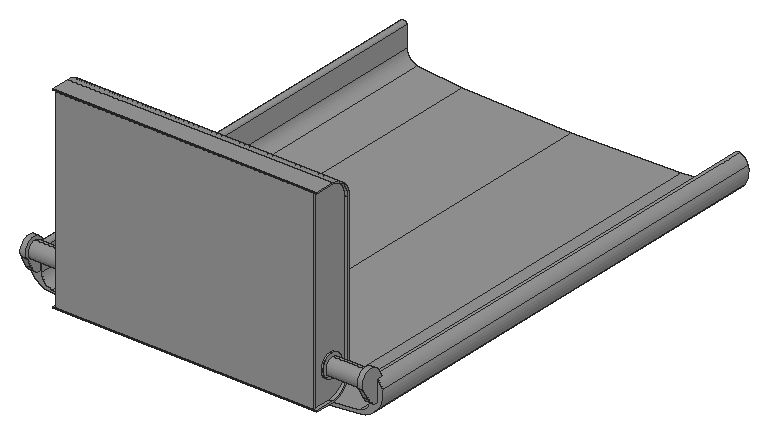
Revit family "3200 Björk Baby changing station", category Furniture Systems, host Wall, Revit 2018
Family settings
  Host = Wall
  Round Connector Dimension = Use Diameter
  Part Type = Normal
  Always vertical = Yes
  Cut with Voids When Loaded = No
  Shared = No
  Room Calculation Point = No
Parameters (values of type "OSLO")
  URL = "http://www.dandryer.com/en-gb/products/baby-changing-stations/3200-bjork-baby-changing-station--white"
  UP = not(Down)  # no
  Type Image = <None>
  Surface = WHITE
  Model = "Björk-3200"
  Manufacturer = "Dan Dryer A/S"
  Down = yes
  Description = "Baby changing table"
  Cost = 0
Types (6, lengths in mm): name | URL | Model | Manufacturer | Description
  BIRK | "http://www.dandryer.dk/da-dk/produkter/produktserie-%E2%80%93-bjork/3000-bjork-haandtoerrer--hvid" | "Björk-3000" | "Dan Dryer" | "Touch-free hand dryer"
  GEO WHITE | "http://www.dandryer.dk/da-dk/produkter/produktserie-%E2%80%93-bjork/3000-bjork-haandtoerrer--hvid" | "Björk-3000" | "Dan Dryer" | "Touch-free hand dryer"
  GRIGIO LONDRA | "http://www.dandryer.dk/da-dk/produkter/produktserie-%E2%80%93-bjork/3000-bjork-haandtoerrer--hvid" | "Björk-3000" | "Dan Dryer" | "Touch-free hand dryer"
  NEGRO INGO | "http://www.dandryer.dk/da-dk/produkter/produktserie-%E2%80%93-bjork/3000-bjork-haandtoerrer--hvid" | "Björk-3000" | "Dan Dryer" | "Touch-free hand dryer"
  OSLO | "http://www.dandryer.com/en-gb/products/baby-changing-stations/3200-bjork-baby-changing-station--white" | "Björk-3200" | "Dan Dryer A/S" | "Baby changing table"
  BIANCO MALE | "http://www.dandryer.dk/da-dk/produkter/produktserie-%E2%80%93-bjork/3000-bjork-haandtoerrer--hvid" | "Björk-3000" | "Dan Dryer" | "Touch-free hand dryer"
Reference planes
  plane 1 "Wall": y = 0
  plane 2 "Center (Left/Right)": x = 125
  plane 3 "Back": y = 75
Forms (mm)
  Extrusion 1, solid, material "WHITE", not visible
    sketch origin (0, 0, 0) x (1, 0, 0) y (0, 1, 0)
      loop
        arc (42.212, 95.366) -> (42.426, 94.946) -> (42.5, 94.481) r 1.5
        line (42.5, 94.481) -> (42.5, 75.3) -> (43.7, 75.3) -> (43.7, 94.481)
        arc (43.7, 94.481) -> (43.567, 95.318) -> (43.181, 96.073) r 2.7
        arc (43.181, 96.073) -> (125, 257.1) -> (206.819, 96.073) r 101.3
        arc (206.819, 96.073) -> (206.433, 95.318) -> (206.3, 94.481) r 2.7
        line (206.3, 94.481) -> (206.3, 75.3) -> (207.5, 75.3) -> (207.5, 94.481)
        arc (207.5, 94.481) -> (207.574, 94.946) -> (207.788, 95.366) r 1.5
        arc (207.788, 95.366) -> (125, 258.3) -> (42.212, 95.366) r 102.5
    from 900 to 1230
  Extrusion 2, void, not visible
    sketch origin (207.5, 94.481, 0) x (0, 1, 0) y (0, 0, -1)
      loop
        line (-19.181, -1225) -> (-19.181, -1230) -> (6.154, -1230)
        arc (6.154, -1230) -> (3.068, -1228.36) -> (2.105, -1225) r 4.47
        line (2.105, -1225) -> (-19.181, -1225)
    from -10.952 to 170.161
  Extrusion 3, void, not visible
    sketch origin (207.5, 94.481, 2130) x (0, 1, 0) y (0, 0, -1)
      loop
        line (-19.181, 1225) -> (2.105, 1225)
        arc (2.105, 1225) -> (3.068, 1228.36) -> (6.154, 1230) r 4.47
        line (6.154, 1230) -> (-19.181, 1230) -> (-19.181, 1225)
    from -6 to 179.451
  Extrusion 4, solid, not visible
    sketch origin (207.5, 75.3, 907) x (0, 1, 0) y (-1, 0, 0)
      loop
        line (0, 163.8) -> (0, 1.2) -> (19.181, 1.2)
        arc (19.181, 1.2) -> (20.018, 1.067) -> (20.773, 0.681) r 2.7
        arc (20.773, 0.681) -> (181.8, 82.5) -> (20.773, 164.319) r 101.3
        arc (20.773, 164.319) -> (20.018, 163.933) -> (19.181, 163.8) r 2.7
        line (19.181, 163.8) -> (0, 163.8)
    from 0 to -2
  Extrusion 5, void, not visible
    sketch origin (206.3, 75.3, 0) x (-1, 0, 0) y (0, 0, 1)
      loop
        arc (83.312, 976) -> (81.303, 978.014) -> (79.288, 976) r 2.012
        line (79.288, 976) -> (79.285, 930)
        arc (79.285, 930) -> (81.297, 927.986) -> (83.312, 930) r 2.012
        line (83.312, 930) -> (83.312, 976)
    from 174.915 to 189.234
  Extrusion 6, solid, not visible
    sketch origin (206.3, 75.3, 0) x (1, 0, 0) y (0, 0, 1)
      loop
        line (-83.312, 975.984) -> (-83.312, 930)
        arc (-83.312, 930) -> (-81.291, 928.118) -> (-79.287, 930.016) r 2.015
        line (-79.287, 930.016) -> (-79.288, 976)
        arc (-79.288, 976) -> (-81.309, 977.882) -> (-83.312, 975.984) r 2.015
    from -182.98 to -174.915
  Extrusion 7, solid, not visible
    sketch origin (0, 0, 0) x (1, 0, 0) y (0, 1, 0)
      loop
        arc (42.212, 95.366) -> (42.426, 94.946) -> (42.5, 94.481) r 1.5
        line (42.5, 94.481) -> (42.5, 75.3) -> (43.7, 75.3) -> (43.7, 94.481)
        arc (43.7, 94.481) -> (43.567, 95.318) -> (43.181, 96.073) r 2.7
        arc (43.181, 96.073) -> (125, 257.1) -> (206.819, 96.073) r 101.3
        arc (206.819, 96.073) -> (206.433, 95.318) -> (206.3, 94.481) r 2.7
        line (206.3, 94.481) -> (206.3, 75.3) -> (207.5, 75.3) -> (207.5, 94.481)
        arc (207.5, 94.481) -> (207.574, 94.946) -> (207.788, 95.366) r 1.5
        arc (207.788, 95.366) -> (125, 258.3) -> (42.212, 95.366) r 102.5
    from 900 to 1230
Text (mm)
  text "Placement Side" at (-1848.837, 1116.779, 0), in view "Ref. Level"
  text "Placement side" at (0, 1409.804, 2854.306), in view "Left"
  text "Placement side" at (0, 499.811, 2980.732), in view "Right"
Dimensions and locks
  locked: plane 3 "Back" to host wall
  aligned and locked: plane 1 "Wall" to host wall
  aligned and locked: plane 3 "Back" to nested 1
  aligned and locked: host wall to nested 1
Nested families
  nested 1: "Baby Changing station" at (125, 75, 1100), type "Baby Changing station"
    with Table up no
Definition of nested family "Baby Changing station"
  Parameters (values of type "Master changing table")
    Table up = yes
    Table down = yes
    Surface = none
  Reference planes
    plane 1 "Center (Front/Back)": y = 0
    plane 2: z = 0
    plane 3 "Center (Left/Right)": x = 0
  Forms (mm)
    Extrusion 1, solid, material <- "Surface"
      sketch origin (205, 367.912, 256.022) x (0, 1, 0) y (0, 0, 1)
        loop
          line (-368.006, 0) -> (-368.006, -1.5) -> (-337.756, -1.5)
          arc (-337.756, -1.5) -> (-316.543, -10.287) -> (-307.756, -31.5) r 30
          line (-307.756, -31.5) -> (-307.756, -273.5)
          arc (-307.756, -273.5) -> (-316.543, -294.713) -> (-337.756, -303.5) r 30
          line (-337.756, -303.5) -> (-368.006, -303.5) -> (-368.006, -305) -> (-337.756, -305)
          arc (-337.756, -305) -> (-315.482, -295.774) -> (-306.256, -273.5) r 31.5
          line (-306.256, -273.5) -> (-306.256, -31.5)
          arc (-306.256, -31.5) -> (-315.482, -9.226) -> (-337.756, 0) r 31.5
          line (-337.756, 0) -> (-368.006, 0)
      from -410.457 to 0.457
    Extrusion 2, solid, material <- "Surface"
      sketch origin (-200, 30.056, 103.522) x (0, -1, 0) y (0, 0, 1)
        loop
          line (28.149, 150) -> (0.649, 150)
          arc (0.649, 150) -> (-20.564, 141.213) -> (-29.351, 120) r 30
          line (-29.351, 120) -> (-29.351, -120)
          arc (-29.351, -120) -> (-20.564, -141.213) -> (0.649, -150) r 30
          line (0.649, -150) -> (28.149, -150) -> (28.149, 150)
      from 0 to -1.5
    Extrusion 3, solid, material <- "Surface"
      sketch origin (200, 30.056, 103.522) x (0, -1, 0) y (0, 0, -1)
        loop
          line (28.149, -150) -> (28.149, 150) -> (0.649, 150)
          arc (0.649, 150) -> (-20.564, 141.213) -> (-29.351, 120) r 30
          line (-29.351, 120) -> (-29.351, -120)
          arc (-29.351, -120) -> (-20.564, -141.213) -> (0.649, -150) r 30
          line (0.649, -150) -> (28.149, -150)
      from 0 to -1.5
    Extrusion 4, solid, material <- "Surface", visible <- "Table down"
      sketch origin (0, 750.106, -53.254) x (-1, 0, 0) y (0, 0, 1)
        loop
          line (-255, 19.726) -> (-255, 51.373)
          arc (-255, 51.373) -> (-257.243, 55.544) -> (-261.96, 55.973) r 5
          arc (-261.96, 55.973) -> (-270.039, 50.067) -> (-274.685, 41.203) r 22.097
          arc (-274.685, 41.203) -> (-275.07, 26.076) -> (-268.731, 12.336) r 33.351
          arc (-268.731, 12.336) -> (-256.485, 1.616) -> (-241.13, -3.778) r 42.947
          arc (-241.13, -3.778) -> (-205.836, -8.031) -> (-170.362, -10.357) r 652.663
          arc (-170.362, -10.357) -> (-85.196, -12.728) -> (0, -13.33) r 4102.572
          arc (0, -13.33) -> (85.196, -12.728) -> (170.362, -10.357) r 4102.572
          arc (170.362, -10.357) -> (205.836, -8.031) -> (241.13, -3.778) r 652.663
          arc (241.13, -3.778) -> (256.485, 1.616) -> (268.731, 12.336) r 42.947
          arc (268.731, 12.336) -> (275.07, 26.076) -> (274.685, 41.203) r 33.351
          arc (274.685, 41.203) -> (270.039, 50.067) -> (261.96, 55.973) r 22.097
          arc (261.96, 55.973) -> (257.243, 55.544) -> (255, 51.373) r 5
          line (255, 51.373) -> (255, 19.726)
          arc (255, 19.726) -> (250.375, 7.3) -> (238.751, 0.923) r 19.004
          arc (238.751, 0.923) -> (204.558, -3.146) -> (170.196, -5.363) r 637.149
          arc (170.196, -5.363) -> (85.113, -7.758) -> (0, -8.582) r 4609.967
          arc (0, -8.582) -> (-85.113, -7.758) -> (-170.196, -5.363) r 4609.967
          arc (-170.196, -5.363) -> (-204.558, -3.146) -> (-238.751, 0.923) r 637.149
          arc (-238.751, 0.923) -> (-250.375, 7.3) -> (-255, 19.726) r 19.004
      from -709.566 to 0
    Extrusion 5, solid, material <- "Surface", visible <- "Table down"
      sketch origin (258, 29.906, 2.522) x (0, 0, 1) y (0, 1, 0)
        loop
          line (8.4, 14.549) -> (-2.6, 20.9)
          arc (-2.6, 20.9) -> (-4.503, 22.803) -> (-5.2, 25.403) r 5.2
          line (-5.2, 25.403) -> (-5.2, 41.674) -> (-6, 41.383) -> (-6, 177.6)
          arc (-6, 177.6) -> (-6.879, 179.721) -> (-9, 180.6) r 3
          line (-9, 180.6) -> (-33, 180.6)
          arc (-33, 180.6) -> (-35.121, 179.721) -> (-36, 177.6) r 3
          line (-36, 177.6) -> (-36, 30.464) -> (-36.8, 30.172) -> (-36.8, 16.166)
          arc (-36.8, 16.166) -> (-33.477, 3.766) -> (-24.4, -5.312) r 24.8
          line (-24.4, -5.312) -> (-8.4, -14.549)
          arc (-8.4, -14.549) -> (14.549, -8.4) -> (8.4, 14.549) r 16.8
      from -8 to 0
    Extrusion 6, solid, material <- "Surface", visible <- "Table down"
      sketch origin (-266, 29.906, 2.522) x (0, 0, 1) y (0, 1, 0)
        loop
          line (8.4, 14.549) -> (-2.6, 20.9)
          arc (-2.6, 20.9) -> (-4.503, 22.803) -> (-5.2, 25.403) r 5.2
          line (-5.2, 25.403) -> (-5.2, 41.674) -> (-6, 41.383) -> (-6, 177.6)
          arc (-6, 177.6) -> (-6.879, 179.721) -> (-9, 180.6) r 3
          line (-9, 180.6) -> (-33, 180.6)
          arc (-33, 180.6) -> (-35.121, 179.721) -> (-36, 177.6) r 3
          line (-36, 177.6) -> (-36, 30.464) -> (-36.8, 30.172) -> (-36.8, 16.166)
          arc (-36.8, 16.166) -> (-33.477, 3.766) -> (-24.4, -5.312) r 24.8
          line (-24.4, -5.312) -> (-8.4, -14.549)
          arc (-8.4, -14.549) -> (14.549, -8.4) -> (8.4, 14.549) r 16.8
      from -8 to 0
    Extrusion 7, solid, material <- "Surface"
      sketch origin (-258, 31.072, 1.856) x (0, 0, -1) y (0, 1, 0)
        loop
          circle (-0.065, 0.035) r 17.549
      from 53 to 462.5
    Extrusion 8, solid, material <- "Surface", visible <- "Table up"
      sketch origin (0, 85.702, 722.747) x (-1, 0, 0) y (0, -1, 0)
        loop
          line (-255, 19.726) -> (-255, 51.373)
          arc (-255, 51.373) -> (-257.243, 55.544) -> (-261.96, 55.973) r 5
          arc (-261.96, 55.973) -> (-270.039, 50.067) -> (-274.685, 41.203) r 22.097
          arc (-274.685, 41.203) -> (-275.07, 26.076) -> (-268.731, 12.336) r 33.351
          arc (-268.731, 12.336) -> (-256.485, 1.616) -> (-241.13, -3.778) r 42.947
          arc (-241.13, -3.778) -> (-205.836, -8.031) -> (-170.362, -10.357) r 652.663
          arc (-170.362, -10.357) -> (-85.196, -12.728) -> (0, -13.33) r 4102.572
          arc (0, -13.33) -> (85.196, -12.728) -> (170.362, -10.357) r 4102.572
          arc (170.362, -10.357) -> (205.836, -8.031) -> (241.13, -3.778) r 652.663
          arc (241.13, -3.778) -> (256.485, 1.616) -> (268.731, 12.336) r 42.947
          arc (268.731, 12.336) -> (275.07, 26.076) -> (274.685, 41.203) r 33.351
          arc (274.685, 41.203) -> (270.039, 50.067) -> (261.96, 55.973) r 22.097
          arc (261.96, 55.973) -> (257.243, 55.544) -> (255, 51.373) r 5
          line (255, 51.373) -> (255, 19.726)
          arc (255, 19.726) -> (250.375, 7.3) -> (238.751, 0.923) r 19.004
          arc (238.751, 0.923) -> (204.558, -3.146) -> (170.196, -5.363) r 637.149
          arc (170.196, -5.363) -> (85.113, -7.758) -> (0, -8.582) r 4609.967
          arc (0, -8.582) -> (-85.113, -7.758) -> (-170.196, -5.363) r 4609.967
          arc (-170.196, -5.363) -> (-204.558, -3.146) -> (-238.751, 0.923) r 637.149
          arc (-238.751, 0.923) -> (-250.375, 7.3) -> (-255, 19.726) r 19.004
      from -709.566 to 0
    Extrusion 9, solid, material <- "Surface", visible <- "Table up"
      sketch origin (258, 29.925, 2.547) x (0, -1, 0) y (0, 0, 1)
        loop
          line (8.4, 14.549) -> (-2.6, 20.9)
          arc (-2.6, 20.9) -> (-4.503, 22.803) -> (-5.2, 25.403) r 5.2
          line (-5.2, 25.403) -> (-5.2, 41.674) -> (-6, 41.383) -> (-6, 177.6)
          arc (-6, 177.6) -> (-6.879, 179.721) -> (-9, 180.6) r 3
          line (-9, 180.6) -> (-33, 180.6)
          arc (-33, 180.6) -> (-35.121, 179.721) -> (-36, 177.6) r 3
          line (-36, 177.6) -> (-36, 30.464) -> (-36.8, 30.172) -> (-36.8, 16.166)
          arc (-36.8, 16.166) -> (-33.477, 3.766) -> (-24.4, -5.312) r 24.8
          line (-24.4, -5.312) -> (-8.4, -14.549)
          arc (-8.4, -14.549) -> (14.549, -8.4) -> (8.4, 14.549) r 16.8
      from -8 to 0
    Extrusion 10, solid, material <- "Surface", visible <- "Table up"
      sketch origin (-266, 29.925, 2.547) x (0, -1, 0) y (0, 0, 1)
        loop
          line (8.4, 14.549) -> (-2.6, 20.9)
          arc (-2.6, 20.9) -> (-4.503, 22.803) -> (-5.2, 25.403) r 5.2
          line (-5.2, 25.403) -> (-5.2, 41.674) -> (-6, 41.383) -> (-6, 177.6)
          arc (-6, 177.6) -> (-6.879, 179.721) -> (-9, 180.6) r 3
          line (-9, 180.6) -> (-33, 180.6)
          arc (-33, 180.6) -> (-35.121, 179.721) -> (-36, 177.6) r 3
          line (-36, 177.6) -> (-36, 30.464) -> (-36.8, 30.172) -> (-36.8, 16.166)
          arc (-36.8, 16.166) -> (-33.477, 3.766) -> (-24.4, -5.312) r 24.8
          line (-24.4, -5.312) -> (-8.4, -14.549)
          arc (-8.4, -14.549) -> (14.549, -8.4) -> (8.4, 14.549) r 16.8
      from -8 to 0
    Extrusion 11, solid, material <- "Surface"
      sketch origin (-258, 30.572, 1.856) x (0, 0, -1) y (0, 1, 0)
        loop
          circle (-0.065, 0.035) r 13.035
      from 0 to 516
    Extrusion 12, solid, material <- "Surface"
      sketch origin (-258, 30.572, 1.856) x (0, 0, -1) y (0, 1, 0)
        loop
          circle (-0.065, 0.035) r 16.835
      from 54.88 to 461.953
    Extrusion 13, solid, material <- "Surface"
      sketch origin (-5125, -0.094, -947.478) x (-1, 0, 0) y (0, 0, 1)
        loop
          line (-5325, 1202) -> (-5325, 900) -> (-4925, 900) -> (-4925, 1202) -> (-5325, 1202)
      from 0 to 2
    Extrusion 14, solid, not visible
      sketch origin (-5000, 75, 0) x (-1, 0, 0) y (0, 0, 1)
        loop
          line (-5325, 1202) -> (-5325, 900) -> (-4925, 900) -> (-4925, 1202) -> (-5325, 1202)
      from 0 to 2
    Extrusion 15, solid, not visible
      sketch origin (330, 443.006, 1203.5) x (0, 1, 0) y (0, 0, 1)
        loop
          line (-368.006, 0) -> (-368.006, -1.5) -> (-337.756, -1.5)
          arc (-337.756, -1.5) -> (-316.543, -10.287) -> (-307.756, -31.5) r 30
          line (-307.756, -31.5) -> (-307.756, -273.5)
          arc (-307.756, -273.5) -> (-316.543, -294.713) -> (-337.756, -303.5) r 30
          line (-337.756, -303.5) -> (-368.006, -303.5) -> (-368.006, -305) -> (-337.756, -305)
          arc (-337.756, -305) -> (-315.482, -295.774) -> (-306.256, -273.5) r 31.5
          line (-306.256, -273.5) -> (-306.256, -31.5)
          arc (-306.256, -31.5) -> (-315.482, -9.226) -> (-337.756, 0) r 31.5
          line (-337.756, 0) -> (-368.006, 0)
      from -410.457 to 0.457
    Sweep 16, void, not visible
      path origin (330, 443.006, 1203.5) x (0, 1, 0) y (0, 0, 1)
        loop
          line (-368.006, -305) -> (-337.756, -305)
          arc (-337.756, -305) -> (-315.482, -295.774) -> (-306.256, -273.5) r 31.5
          line (-306.256, -273.5) -> (-306.256, -31.5)
          arc (-306.256, -31.5) -> (-315.482, -9.226) -> (-337.756, 0) r 31.5
          line (-337.756, 0) -> (-368.006, 0)
      profile origin (330, 90.125, 1203.5) x (0, 0, -1) y (1, 0, 0)
        loop
          line (0, 0.457) -> (0, -0.75)
          arc (0, -0.75) -> (0.75, 0) -> (1.5, -0.75) r 0.75
          line (1.5, -0.75) -> (1.5, 0.457) -> (0, 0.457)
    Sweep 17, void, not visible
      path origin (-80, 443.006, 1203.5) x (0, 1, 0) y (0, 0, -1)
        loop
          line (-368.006, 305) -> (-337.756, 305)
          arc (-337.756, 305) -> (-315.482, 295.774) -> (-306.256, 273.5) r 31.5
          line (-306.256, 273.5) -> (-306.256, 31.5)
          arc (-306.256, 31.5) -> (-315.482, 9.226) -> (-337.756, 0) r 31.5
          line (-337.756, 0) -> (-368.006, 0)
      profile origin (-80, 90.125, 1203.5) x (0, 0, 1) y (-1, 0, 0)
        loop
          line (0, 0.457) -> (-1.5, 0.457) -> (-1.5, -0.75)
          arc (-1.5, -0.75) -> (-0.75, 0) -> (0, -0.75) r 0.75
          line (0, -0.75) -> (0, 0.457)
    Extrusion 18, solid, not visible
      sketch origin (-75, 105.149, 1051) x (0, -1, 0) y (0, 0, 1)
        loop
          line (28.149, 150) -> (0.649, 150)
          arc (0.649, 150) -> (-20.564, 141.213) -> (-29.351, 120) r 30
          line (-29.351, 120) -> (-29.351, -120)
          arc (-29.351, -120) -> (-20.564, -141.213) -> (0.649, -150) r 30
          line (0.649, -150) -> (28.149, -150) -> (28.149, 150)
      from 0 to -1.5
    Extrusion 19, solid, not visible
      sketch origin (325, 105.149, 1051) x (0, -1, 0) y (0, 0, -1)
        loop
          line (28.149, -150) -> (28.149, 150) -> (0.649, 150)
          arc (0.649, 150) -> (-20.564, 141.213) -> (-29.351, 120) r 30
          line (-29.351, 120) -> (-29.351, -120)
          arc (-29.351, -120) -> (-20.564, -141.213) -> (0.649, -150) r 30
          line (0.649, -150) -> (28.149, -150)
      from 0 to -1.5
    Extrusion 20, void, not visible
      sketch origin (-75, 105.149, 1051) x (0, 1, 0) y (0, 0, 1)
        loop
          circle (-0.114, -100.935) r 17.549
      from 404.5 to -5
    Extrusion 21, solid, visible <- "Table down", not visible
      sketch origin (125, 825.199, 894.224) x (-1, 0, 0) y (0, 0, 1)
        loop
          line (-255, 19.726) -> (-255, 51.373)
          arc (-255, 51.373) -> (-257.243, 55.544) -> (-261.96, 55.973) r 5
          arc (-261.96, 55.973) -> (-270.039, 50.067) -> (-274.685, 41.203) r 22.097
          arc (-274.685, 41.203) -> (-275.07, 26.076) -> (-268.731, 12.336) r 33.351
          arc (-268.731, 12.336) -> (-256.485, 1.616) -> (-241.13, -3.778) r 42.947
          arc (-241.13, -3.778) -> (-205.836, -8.031) -> (-170.362, -10.357) r 652.663
          arc (-170.362, -10.357) -> (-85.196, -12.728) -> (0, -13.33) r 4102.572
          arc (0, -13.33) -> (85.196, -12.728) -> (170.362, -10.357) r 4102.572
          arc (170.362, -10.357) -> (205.836, -8.031) -> (241.13, -3.778) r 652.663
          arc (241.13, -3.778) -> (256.485, 1.616) -> (268.731, 12.336) r 42.947
          arc (268.731, 12.336) -> (275.07, 26.076) -> (274.685, 41.203) r 33.351
          arc (274.685, 41.203) -> (270.039, 50.067) -> (261.96, 55.973) r 22.097
          arc (261.96, 55.973) -> (257.243, 55.544) -> (255, 51.373) r 5
          line (255, 51.373) -> (255, 19.726)
          arc (255, 19.726) -> (250.375, 7.3) -> (238.751, 0.923) r 19.004
          arc (238.751, 0.923) -> (204.558, -3.146) -> (170.196, -5.363) r 637.149
          arc (170.196, -5.363) -> (85.113, -7.758) -> (0, -8.582) r 4609.967
          arc (0, -8.582) -> (-85.113, -7.758) -> (-170.196, -5.363) r 4609.967
          arc (-170.196, -5.363) -> (-204.558, -3.146) -> (-238.751, 0.923) r 637.149
          arc (-238.751, 0.923) -> (-250.375, 7.3) -> (-255, 19.726) r 19.004
      from -709.566 to 0
    Sweep 22, void, not visible
      path origin (125, 825.199, 894.224) x (-1, 0, 0) y (0, 0, 1)
        loop
          arc (-261.96, 55.973) -> (-270.039, 50.067) -> (-274.685, 41.203) r 22.097
          arc (-274.685, 41.203) -> (-275.07, 26.076) -> (-268.731, 12.336) r 33.351
          arc (-268.731, 12.336) -> (-256.485, 1.616) -> (-241.13, -3.778) r 42.947
          arc (-241.13, -3.778) -> (-205.836, -8.031) -> (-170.362, -10.357) r 652.663
          arc (-170.362, -10.357) -> (-85.196, -12.728) -> (0, -13.33) r 4102.572
          arc (0, -13.33) -> (85.196, -12.728) -> (170.362, -10.357) r 4102.572
          arc (170.362, -10.357) -> (205.836, -8.031) -> (241.13, -3.778) r 652.663
          arc (241.13, -3.778) -> (256.485, 1.616) -> (268.731, 12.336) r 42.947
          arc (268.731, 12.336) -> (275.07, 26.076) -> (274.685, 41.203) r 33.351
          arc (274.685, 41.203) -> (270.039, 50.067) -> (261.96, 55.973) r 22.097
          arc (261.96, 55.973) -> (257.243, 55.544) -> (255, 51.373) r 5
          line (255, 51.373) -> (255, 19.726)
          arc (255, 19.726) -> (250.375, 7.3) -> (238.751, 0.923) r 19.004
          arc (238.751, 0.923) -> (204.558, -3.146) -> (170.196, -5.363) r 637.149
          arc (170.196, -5.363) -> (85.113, -7.758) -> (0, -8.582) r 4609.967
          arc (0, -8.582) -> (-85.113, -7.758) -> (-170.196, -5.363) r 4609.967
          arc (-170.196, -5.363) -> (-204.558, -3.146) -> (-238.751, 0.923) r 637.149
          arc (-238.751, 0.923) -> (-250.375, 7.3) -> (-255, 19.726) r 19.004
          line (-255, 19.726) -> (-255, 51.373)
          arc (-255, 51.373) -> (-257.243, 55.544) -> (-261.96, 55.973) r 5
      profile origin (395.039, 825.199, 944.291) x (-0.757606, 0, -0.652712) y (0, 1, 0)
        loop
          arc (0, -1.006) -> (0.295, -0.295) -> (1.006, 0) r 1.006
          line (1.006, 0) -> (0, 0) -> (0, -1.006)
    Extrusion 23, void, not visible
      sketch origin (-141, 105, 950) x (0, 0, 1) y (0, 1, 0)
        loop
          line (-93.281, 10.633) -> (14.517, 10.633) -> (14.517, 49.868) -> (-93.281, 10.633)
      from -603.294 to 94
    Extrusion 24, solid, visible <- "Table down", not visible
      sketch origin (383, 105, 950) x (0, 0, 1) y (0, 1, 0)
        loop
          line (8.4, 14.549) -> (-2.6, 20.9)
          arc (-2.6, 20.9) -> (-4.503, 22.803) -> (-5.2, 25.403) r 5.2
          line (-5.2, 25.403) -> (-5.2, 41.674) -> (-6, 41.383) -> (-6, 177.6)
          arc (-6, 177.6) -> (-6.879, 179.721) -> (-9, 180.6) r 3
          line (-9, 180.6) -> (-33, 180.6)
          arc (-33, 180.6) -> (-35.121, 179.721) -> (-36, 177.6) r 3
          line (-36, 177.6) -> (-36, 30.464) -> (-36.8, 30.172) -> (-36.8, 16.166)
          arc (-36.8, 16.166) -> (-33.477, 3.766) -> (-24.4, -5.312) r 24.8
          line (-24.4, -5.312) -> (-8.4, -14.549)
          arc (-8.4, -14.549) -> (14.549, -8.4) -> (8.4, 14.549) r 16.8
      from -8 to 0
    Extrusion 25, solid, visible <- "Table down", not visible
      sketch origin (-141, 105, 950) x (0, 0, 1) y (0, 1, 0)
        loop
          line (8.4, 14.549) -> (-2.6, 20.9)
          arc (-2.6, 20.9) -> (-4.503, 22.803) -> (-5.2, 25.403) r 5.2
          line (-5.2, 25.403) -> (-5.2, 41.674) -> (-6, 41.383) -> (-6, 177.6)
          arc (-6, 177.6) -> (-6.879, 179.721) -> (-9, 180.6) r 3
          line (-9, 180.6) -> (-33, 180.6)
          arc (-33, 180.6) -> (-35.121, 179.721) -> (-36, 177.6) r 3
          line (-36, 177.6) -> (-36, 30.464) -> (-36.8, 30.172) -> (-36.8, 16.166)
          arc (-36.8, 16.166) -> (-33.477, 3.766) -> (-24.4, -5.312) r 24.8
          line (-24.4, -5.312) -> (-8.4, -14.549)
          arc (-8.4, -14.549) -> (14.549, -8.4) -> (8.4, 14.549) r 16.8
      from -8 to 0
    Extrusion 26, solid, not visible
      sketch origin (-133, 106.166, 949.334) x (0, 0, -1) y (0, 1, 0)
        loop
          circle (-0.065, 0.035) r 17.549
      from 53 to 462.5
    Extrusion 27, solid, visible <- "Table up", not visible
      sketch origin (125, 160.795, 1670.224) x (-1, 0, 0) y (0, -1, 0)
        loop
          line (-255, 19.726) -> (-255, 51.373)
          arc (-255, 51.373) -> (-257.243, 55.544) -> (-261.96, 55.973) r 5
          arc (-261.96, 55.973) -> (-270.039, 50.067) -> (-274.685, 41.203) r 22.097
          arc (-274.685, 41.203) -> (-275.07, 26.076) -> (-268.731, 12.336) r 33.351
          arc (-268.731, 12.336) -> (-256.485, 1.616) -> (-241.13, -3.778) r 42.947
          arc (-241.13, -3.778) -> (-205.836, -8.031) -> (-170.362, -10.357) r 652.663
          arc (-170.362, -10.357) -> (-85.196, -12.728) -> (0, -13.33) r 4102.572
          arc (0, -13.33) -> (85.196, -12.728) -> (170.362, -10.357) r 4102.572
          arc (170.362, -10.357) -> (205.836, -8.031) -> (241.13, -3.778) r 652.663
          arc (241.13, -3.778) -> (256.485, 1.616) -> (268.731, 12.336) r 42.947
          arc (268.731, 12.336) -> (275.07, 26.076) -> (274.685, 41.203) r 33.351
          arc (274.685, 41.203) -> (270.039, 50.067) -> (261.96, 55.973) r 22.097
          arc (261.96, 55.973) -> (257.243, 55.544) -> (255, 51.373) r 5
          line (255, 51.373) -> (255, 19.726)
          arc (255, 19.726) -> (250.375, 7.3) -> (238.751, 0.923) r 19.004
          arc (238.751, 0.923) -> (204.558, -3.146) -> (170.196, -5.363) r 637.149
          arc (170.196, -5.363) -> (85.113, -7.758) -> (0, -8.582) r 4609.967
          arc (0, -8.582) -> (-85.113, -7.758) -> (-170.196, -5.363) r 4609.967
          arc (-170.196, -5.363) -> (-204.558, -3.146) -> (-238.751, 0.923) r 637.149
          arc (-238.751, 0.923) -> (-250.375, 7.3) -> (-255, 19.726) r 19.004
      from -709.566 to 0
    Sweep 28, void, not visible
      path origin (125, 160.795, 1670.224) x (-1, 0, 0) y (0, -1, 0)
        loop
          arc (-261.96, 55.973) -> (-270.039, 50.067) -> (-274.685, 41.203) r 22.097
          arc (-274.685, 41.203) -> (-275.07, 26.076) -> (-268.731, 12.336) r 33.351
          arc (-268.731, 12.336) -> (-256.485, 1.616) -> (-241.13, -3.778) r 42.947
          arc (-241.13, -3.778) -> (-205.836, -8.031) -> (-170.362, -10.357) r 652.663
          arc (-170.362, -10.357) -> (-85.196, -12.728) -> (0, -13.33) r 4102.572
          arc (0, -13.33) -> (85.196, -12.728) -> (170.362, -10.357) r 4102.572
          arc (170.362, -10.357) -> (205.836, -8.031) -> (241.13, -3.778) r 652.663
          arc (241.13, -3.778) -> (256.485, 1.616) -> (268.731, 12.336) r 42.947
          arc (268.731, 12.336) -> (275.07, 26.076) -> (274.685, 41.203) r 33.351
          arc (274.685, 41.203) -> (270.039, 50.067) -> (261.96, 55.973) r 22.097
          arc (261.96, 55.973) -> (257.243, 55.544) -> (255, 51.373) r 5
          line (255, 51.373) -> (255, 19.726)
          arc (255, 19.726) -> (250.375, 7.3) -> (238.751, 0.923) r 19.004
          arc (238.751, 0.923) -> (204.558, -3.146) -> (170.196, -5.363) r 637.149
          arc (170.196, -5.363) -> (85.113, -7.758) -> (0, -8.582) r 4609.967
          arc (0, -8.582) -> (-85.113, -7.758) -> (-170.196, -5.363) r 4609.967
          arc (-170.196, -5.363) -> (-204.558, -3.146) -> (-238.751, 0.923) r 637.149
          arc (-238.751, 0.923) -> (-250.375, 7.3) -> (-255, 19.726) r 19.004
          line (-255, 19.726) -> (-255, 51.373)
          arc (-255, 51.373) -> (-257.243, 55.544) -> (-261.96, 55.973) r 5
      profile origin (395.039, 110.728, 1670.224) x (-0.757606, 0.652712, 0) y (0, 0, 1)
        loop
          arc (0, -1.006) -> (0.295, -0.295) -> (1.006, 0) r 1.006
          line (1.006, 0) -> (0, 0) -> (0, -1.006)
    Extrusion 29, void, not visible
      sketch origin (-141, 105.019, 950.025) x (0, -1, 0) y (0, 0, 1)
        loop
          line (-93.281, 10.633) -> (14.517, 10.633) -> (14.517, 49.868) -> (-93.281, 10.633)
      from -603.294 to 94
    Extrusion 30, solid, visible <- "Table up", not visible
      sketch origin (383, 105.019, 950.025) x (0, -1, 0) y (0, 0, 1)
        loop
          line (8.4, 14.549) -> (-2.6, 20.9)
          arc (-2.6, 20.9) -> (-4.503, 22.803) -> (-5.2, 25.403) r 5.2
          line (-5.2, 25.403) -> (-5.2, 41.674) -> (-6, 41.383) -> (-6, 177.6)
          arc (-6, 177.6) -> (-6.879, 179.721) -> (-9, 180.6) r 3
          line (-9, 180.6) -> (-33, 180.6)
          arc (-33, 180.6) -> (-35.121, 179.721) -> (-36, 177.6) r 3
          line (-36, 177.6) -> (-36, 30.464) -> (-36.8, 30.172) -> (-36.8, 16.166)
          arc (-36.8, 16.166) -> (-33.477, 3.766) -> (-24.4, -5.312) r 24.8
          line (-24.4, -5.312) -> (-8.4, -14.549)
          arc (-8.4, -14.549) -> (14.549, -8.4) -> (8.4, 14.549) r 16.8
      from -8 to 0
    Extrusion 31, solid, visible <- "Table up", not visible
      sketch origin (-141, 105.019, 950.025) x (0, -1, 0) y (0, 0, 1)
        loop
          line (8.4, 14.549) -> (-2.6, 20.9)
          arc (-2.6, 20.9) -> (-4.503, 22.803) -> (-5.2, 25.403) r 5.2
          line (-5.2, 25.403) -> (-5.2, 41.674) -> (-6, 41.383) -> (-6, 177.6)
          arc (-6, 177.6) -> (-6.879, 179.721) -> (-9, 180.6) r 3
          line (-9, 180.6) -> (-33, 180.6)
          arc (-33, 180.6) -> (-35.121, 179.721) -> (-36, 177.6) r 3
          line (-36, 177.6) -> (-36, 30.464) -> (-36.8, 30.172) -> (-36.8, 16.166)
          arc (-36.8, 16.166) -> (-33.477, 3.766) -> (-24.4, -5.312) r 24.8
          line (-24.4, -5.312) -> (-8.4, -14.549)
          arc (-8.4, -14.549) -> (14.549, -8.4) -> (8.4, 14.549) r 16.8
      from -8 to 0
    Extrusion 32, solid, not visible
      sketch origin (-133, 105.666, 949.334) x (0, 0, -1) y (0, 1, 0)
        loop
          circle (-0.065, 0.035) r 13.035
      from 0 to 516
    Extrusion 33, solid, not visible
      sketch origin (-133, 105.666, 949.334) x (0, 0, -1) y (0, 1, 0)
        loop
          circle (-0.065, 0.035) r 16.835
      from 54.88 to 461.953
  Lines and regions (mm)
    reference lines, not visible
      curve 1: line (125, 825.199, 1226.874) -> (125, 825.199, 885.642)
      curve 2: line (125, 419.974, 1670.224) -> (125, -185.026, 1670.224)
  Dimensions and locks
    locked: Extrusion 13 to Extrusion 13 at 2
    aligned and locked: level to plane 2
    aligned and locked: Extrusion 3 to Extrusion 13
